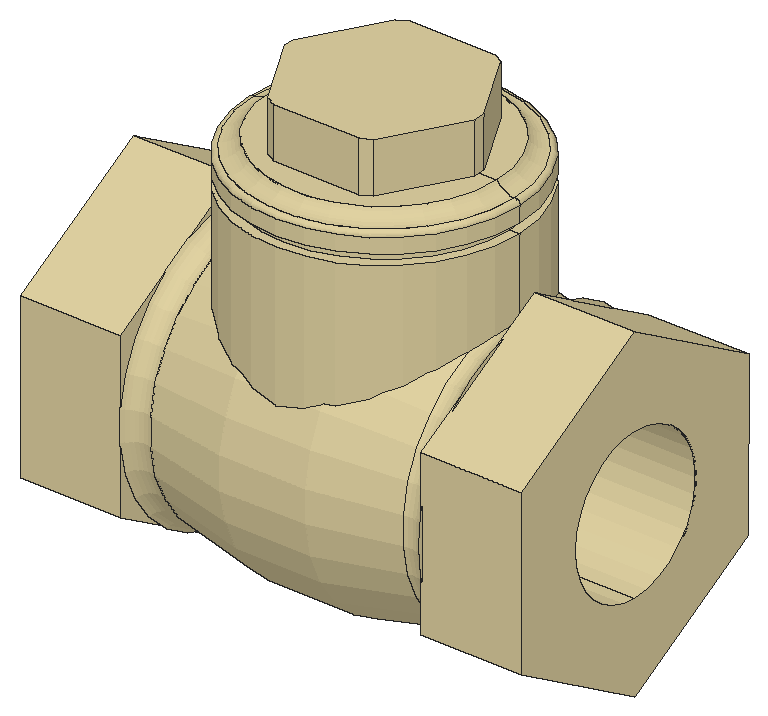
Revit family "DA04210000", category Apparecchi idraulici, Revit 2020
Family settings
  Quota connettore circolare = Usa diametro
  Tipo di parte = Normale
  Numero OmniClass = 23.45.00.00
  Titolo OmniClass = Sanitary, Laundry, and Cleaning Equipment
  Basato su piano di lavoro = No
  Sempre verticale = Sì
  Taglio con vuoti quando caricato = No
  Condiviso = No
  Punto di calcolo locali = No
Parameters
  URL = "https://web.cimberio.com/index.php/figura/683?subcategoria_id=34"
  Temperatura di esercizio = "-10 ÷ 170°C"
  Prospetto di default = 0 mm
  Produttore = "CIMBERIO SPA"
  Pressione nominale = "PN 16"
  Modello = "Cim 78"
  Materiale = "Prodotto in lega di bronzo conforme alla norma EN 1982-CC491K"
  Descrizione = "Impiegato nei più svariati settori dell'impiantistica in condutture anti-ritorno per: reti di distribuzione acqua potabile, impianti di riscaldamento, condizionamento, igienico-sanitari e in generale con ogni fluido non corrosivo."
  DN Model [instance] = DA04211015 : DA04211015
  DN [instance] = 15 mm
  Commenti sul tipo = "Realizzato in ottemperanza ai requisiti gestionali della norma EN ISO 9001.\r\nCollaudato al 100% secondo la normativa EN 12266-1"
Reference planes
  plane 1 "Centro (Fronte/Retro)": y = 0
  plane 2: z = 0
  plane 3 "Centro (Sinistra/Destra)": x = 0
Dimensions and locks
  aligned and locked: level to plane 2
Nested families
  nested 1: "DA04211015" at (0, 0, 0), type <- "DN Model", type "DA04211015"
  nested 2: "DA04211015" at (0, 0, 0), type <- "DN Model", type "DA04211015"
  nested 3: "DA04211015" at (0, 0, 0), type <- "DN Model", type "DA04211015"
  nested 4: "DA04211015" at (0, 0, 0), type <- "DN Model", type "DA04211015"
  nested 5: "DA04211015" at (0, 0, 0), type <- "DN Model", type "DA04211015"
  nested 6: "DA04211015" at (0, 0, 0), type <- "DN Model", type "DA04211015"
  nested 7: "DA04211015" at (0, 0, 0), type <- "DN Model", type "DA04211015"
  nested 8: "DA04211015" at (0, 0, 0), type <- "DN Model", type "DA04211015"
  nested 9: "DA04211015" at (0, 0, 0), type <- "DN Model", type "DA04211015"
  nested 10: "DA04211015" at (0, 0, 0), type <- "DN Model", type "DA04211015"
Connectors
  piping at (25, 0, 0), diameter 15, driven by "DN"
    settings: on nested 1, index 1, connector inside diameter 609.6 mm, connector length 0 mm, flow factor 0, pipe flow 0.0 L/s, pressure drop 0.0 Pa, fitting loss kfactor 0, connector angle 0.00°, fixture units 0, engagement length 0 mm, angle of deflection 0.00°, flow configuration 0, flow direction 0, fitting loss method 0, system type 7, joint type 0, gender type 0, connector reference index -1, connector utility 0, adjustable connector no, is connector primary yes, connector description ""
  piping at (-25, 0, 0), diameter 15, driven by "DN"
    settings: on nested 1, index 2, connector inside diameter 609.6 mm, connector length 0 mm, flow factor 0, pipe flow 0.0 L/s, pressure drop 0.0 Pa, fitting loss kfactor 0, connector angle 0.00°, fixture units 0, engagement length 0 mm, angle of deflection 0.00°, flow configuration 0, flow direction 0, fitting loss method 0, system type 7, joint type 0, gender type 0, connector reference index -1, connector utility 0, adjustable connector no, is connector primary no, connector description ""
Definition of nested family "DA04211015"
  Parameters (values of type "DA04211015")
    URL = ""
    Default Elevation = 0 mm
    Manufacturer = ""
    Model = ""
    Description = ""
    Type Comments = ""
  Reference planes
    plane 1 "Centro (Fronte/Retro)": y = 0
    plane 2: z = 0
    plane 3 "Centro (Sinistra/Destra)": x = 0
  Forms (mm)
    Revolve 1, solid
      sketch origin (0, 0, 0) x (1, 0, 0) y (0, 0, 1)
        loop
          line (-14.944, -7.5) -> (-14.944, -14.342)
          arc (-14.944, -14.342) -> (-13.931, -13.472) -> (-12.597, -13.441) r 1.981
          arc (-12.597, -13.441) -> (-0.002, -15.434) -> (12.593, -13.441) r 40.793
          arc (12.593, -13.441) -> (14.014, -13.509) -> (15.034, -14.5) r 2.011
          line (15.034, -14.5) -> (15.012, -7.5) -> (-14.944, -7.5)
        axis (-14.944, 0) -> (15.034, 0)
      angle from 0 to 360
    Extrusion 2, solid
      sketch origin (0, 0, 0) x (0, 0, 1) y (0, -1, 0)
        loop
          circle (0, 0) r 7.5
        loop
          line (16.25, 0) -> (8.125, 14.073) -> (-8.125, 14.073) -> (-16.25, 0) -> (-8.125, -14.073) -> (8.125, -14.073) -> (16.25, 0)
      from -25 to -14.944
    Revolve 3, solid
      sketch origin (0, 0, 0) x (1, 0, 0) y (0, 0, 1)
        loop
          line (0, 25) -> (-11.25, 25)
          arc (-11.25, 25) -> (-11.982, 24.268) -> (-12.982, 24) r 2
          arc (-12.982, 24) -> (-13.354, 23.854) -> (-13.5, 23.5) r 0.5
          line (-13.5, 23.5) -> (-13.5, 22) -> (-12.5, 22) -> (-12.5, 21) -> (-13.5, 21) -> (-13.5, 5.875) -> (0, 5.875) -> (0, 25)
        axis (0, 25) -> (0, 5.875)
      angle from 0 to 360
    Extrusion 4, solid
      sketch origin (0, 0, 0) x (1, 0, 0) y (0, 1, 0)
        loop
          line (9.482, 0.581) -> (5.244, 7.921)
          arc (5.244, 7.921) -> (4.75, 8.227) -> (4.238, 8.502) r 9.5
          line (4.238, 8.502) -> (-4.238, 8.502)
          arc (-4.238, 8.502) -> (-4.75, 8.227) -> (-5.244, 7.921) r 9.5
          line (-5.244, 7.921) -> (-9.482, 0.581)
          arc (-9.482, 0.581) -> (-9.5, 0) -> (-9.482, -0.581) r 9.5
          line (-9.482, -0.581) -> (-5.244, -7.921)
          arc (-5.244, -7.921) -> (-4.75, -8.227) -> (-4.238, -8.502) r 9.5
          line (-4.238, -8.502) -> (4.238, -8.502)
          arc (4.238, -8.502) -> (4.75, -8.227) -> (5.244, -7.921) r 9.5
          line (5.244, -7.921) -> (9.482, -0.581)
          arc (9.482, -0.581) -> (9.5, 0) -> (9.482, 0.581) r 9.5
      from 25 to 30
    Extrusion 5, solid
      sketch origin (0, 0, 0) x (0, 0, 1) y (0, 1, 0)
        loop
          circle (0, 0) r 7.5
        loop
          line (16.25, 0) -> (8.125, 14.073) -> (-8.125, 14.073) -> (-16.25, 0) -> (-8.125, -14.073) -> (8.125, -14.073) -> (16.25, 0)
      from -25 to -14.944
  Dimensions and locks
    aligned and locked: level to plane 2
